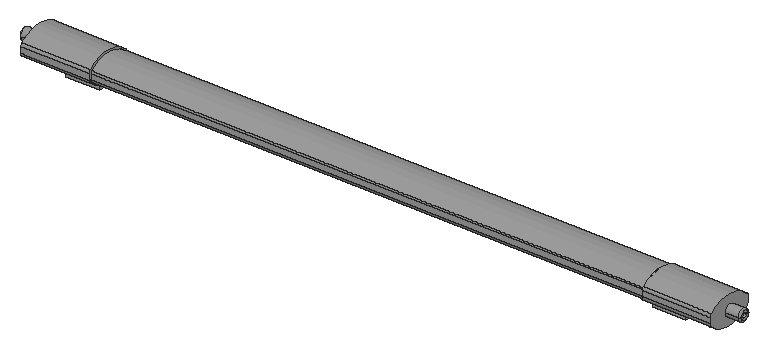
Revit family "0045153 Feilo Sylvania Lighting Fixture START BATTEN  IP65 42W 1200 4K", category Lighting Fixtures, host Face, Revit 2017
Family settings
  Host = Face
  Round Connector Dimension = Use Diameter
  Part Type = Normal
  OmniClass Number = 23.80.70.00
  OmniClass Title = Lighting
  Cut with Voids When Loaded = No
  Light Source = Yes
  Shared = No
  Room Calculation Point = No
Parameters (values of type "0045153 START BATTEN  IP65 42W 1200 4K")
  Weight = "13.368 kg"
  Wattage Comments = ""
  Wattage = 42 W
  WarrantyStartDate [instance] = "n/a"
  WarrantyGuarantorParts = "n/a"
  WarrantyDurationUnit = "n/a"
  WarrantyDurationParts = "n/a"
  WarrantyDescription = "n/a"
  built-in parameter 1150110 = 1 (stored number, unit not read)
  Voltage = 230 V
  URL = "http://www.sylvania-lighting.com"
  TypeName = "START BATTEN  IP65 42W 1200 4K"
  Type Image = <None>
  Type Comments = "n/a"
  built-in parameter 1114217 = 1 (stored number, unit not read)
  Tilt Angle = -90.00°
  built-in parameter 1150109 = 1 (stored number, unit not read)
  built-in parameter 1150134 = 12
  built-in parameter 1150113 = 1 (stored number, unit not read)
  SerialNumber [instance] = "n/a"
  RadiusGlandOuter_FEILO = 10 mm
  RadiusGlandInner_FEILO = 5 mm
  RadiusBody_FEILO = 7 mm
  Photometric Web File = "0045153.ies"
  Material_3_FEILO = none
  PowerFactor = 0
  PowerConsumption = "42 W"
  NominalLength = 1200 mm
  NominalHeight = 53.6 mm
  NominalDepth = 80 mm
  Name = "START BATTEN  IP65 42W 1200 4K"
  ModelReference = Name  # "START BATTEN  IP65 42W 1200 4K"
  ModelNumber = "0045153"
  Model = Name  # "START BATTEN  IP65 42W 1200 4K"
  Material = "polycarbonate housing, pc diffuser"
  ManufacturerName = "Feilo Sylvania"
  Manufacturer = "Feilo Sylvania"
  LuminousEfficacy = "124 lm/W"
  built-in parameter 1150105 = 1371.7 (stored number, unit not read)
  Lumens = 5208 lm
  LuminaireType = ""
  built-in parameter 1150115 = 1 (stored number, unit not read)
  Long_FEILO = no
  LightOutputRatio = "100"
  built-in parameter 1150137 = (empty or 0)
  built-in parameter 1150139 = (empty or 0)
  LampsType = Lamp  # "LED"
  LampNominalLuminous = "5200 lm"
  LampMacAdamStep = "n/a"
  LampColourTemperature = "4000 K"
  LampColourRenderingIndex = "80"
  built-in parameter 1150112 = 1 (stored number, unit not read)
  built-in parameter 1150114 = 1 (stored number, unit not read)
  Lamp = "LED"
  L3_FEILO = if(Long_FEILO, 1378 mm, 1078 mm)  # 1078 mm
  L2_FEILO = if(Long_FEILO, 1500 mm, 1200 mm)  # 1200 mm
  L1_FEILO = if(Long_FEILO, 1553 mm, 1253 mm)  # 1253 mm
  Keynote = "16500"
  InstallationDate [instance] = "n/a"
  InputVoltage = "220-240V~"
  InputNominalFrequency = "50/60 Hz"
  built-in parameter 1150132 = (empty or 0)
  built-in parameter 1150102 = (empty or 0)
  built-in parameter 1150107 = 4000 (stored number, unit not read)
  built-in parameter 1150138 = (empty or 0)
  IngressProtection = "IP65"
  ImpactProtectionIndex = "IK08"
  built-in parameter 1150106 = 13.717 (stored number, unit not read)
  IfcExportType = "IfcLightFixtureType"
  IfcExportAs = "IfcLightFixtureType"
  ExpectedLife = 50000
  Emit from Rectangle Width = 40 mm
  Emit from Rectangle Length = L3_FEILO - 116 mm  # 962 mm
  Emit Shape Visible in Rendering = no
  ElectricShockClassification = "Class II"
  built-in parameter 1150104 = 11.52 (stored number, unit not read)
  DurationUnit = "hours"
  DocumentationLiterature = "http://www.sylvania-lighting.com/product/en-int/products/0045153"
  DimmingControlOptions = "n/a"
  Material_2_FEILO = Diffuser-Sylvania-StartBatten
  Dimming Lamp Color Temperature Shift = <None>
  Description = "The new upgraded Start Batten IP65 ( upgraded version of Batten LED LINK) is a versatile range of slimline LED waterproof luminaires that provide an ideal solution for interior and exterior applications such as workshops, garages and outdoor covered spaces. The  design allows the luminaire to be easily linked to another luminaire through an IP65 rated connector. The performance of the range  has been significantly improved ,  for example Start Twin Batten IP65 LED delivers  a performance of up to 6000lm (125lm/W). Available in 1200mm and 1500mm lengths (approx.) - the product can be a slimline replacement for single and twin 36W/58W fluorescent waterproof battens."
  Default Elevation = 1219.2 mm
  CreatedOn = "3/8/2018"
  CreatedBy = ""
  Cost = 0
  Color Filter = 16777215
  built-in parameter 1114216 [instance] = (empty or 0)
  ClassificationValue = "EF_70_80"
  ClassificationName = "Uniclass2015"
  Material_1_FEILO = Body-Sylvania-StartBatten
  BarCode [instance] = "n/a"
  built-in parameter 1114218 = 1 (stored number, unit not read)
  built-in parameter 1150133 = 10 (stored number, unit not read)
  AssetType = "Fixed"
  AssetIdentifier [instance] = "n/a"
  Assembly Code = "D5020200"
  Apparent Load = 42 VA
  Material_4_FEILO = none
Reference planes
  plane 1 "Center (Front/Back)": y = 0
  plane 2: z = 0
  plane 3 "Center (Left/Right)": x = 0
  plane 4: y = 40
  plane 5: y = -40
  plane 6: z = 54
  plane 7: z = 29.5
  plane 8: y = 18
  plane 9: y = -18
  plane 10: z = 37.5
  plane 11: z = 21.5
  plane 12: x = 539
  plane 13: x = -539
  plane 14: x = 600
  plane 15: x = -600
  plane 16: x = 626.5
  plane 17: x = -626.5
  plane 18: x = 481
  plane 19: x = -481
  plane 20: z = 5
  plane 21: y = 5
  plane 22: y = 10
Forms (mm)
  Extrusion 1, solid, material "Body-Sylvania-StartBatten" <- "Material_1_FEILO"
    sketch origin (481, 1524, 1219.2) x (0, 1, 0) y (0, 0, 1)
      loop
        arc (-1561.645, -1179.488) -> (-1563.384, -1181.854) -> (-1564, -1184.725) r 7
        line (-1564, -1184.725) -> (-1564, -1194.675)
        arc (-1564, -1194.675) -> (-1563.384, -1197.546) -> (-1561.645, -1199.912) r 7
        arc (-1561.645, -1199.912) -> (-1524, -1214.2) -> (-1486.355, -1199.912) r 56.735
        arc (-1486.355, -1199.912) -> (-1484.616, -1197.546) -> (-1484, -1194.675) r 7
        line (-1484, -1194.675) -> (-1484, -1184.725)
        arc (-1484, -1184.725) -> (-1484.616, -1181.854) -> (-1486.355, -1179.488) r 7
        arc (-1486.355, -1179.488) -> (-1524, -1165.2) -> (-1561.645, -1179.488) r 56.735
    from 0 to 119
  Extrusion 2, solid, material "Body-Sylvania-StartBatten" <- "Material_1_FEILO"
    sketch origin (-481, 1524, 1219.2) x (0, 1, 0) y (0, 0, 1)
      loop
        arc (-1486.355, -1179.488) -> (-1524, -1165.2) -> (-1561.645, -1179.488) r 56.735
        arc (-1561.645, -1179.488) -> (-1563.384, -1181.854) -> (-1564, -1184.725) r 7
        line (-1564, -1184.725) -> (-1564, -1194.675)
        arc (-1564, -1194.675) -> (-1563.384, -1197.546) -> (-1561.645, -1199.912) r 7
        arc (-1561.645, -1199.912) -> (-1524, -1214.2) -> (-1486.355, -1199.912) r 56.735
        arc (-1486.355, -1199.912) -> (-1484.616, -1197.546) -> (-1484, -1194.675) r 7
        line (-1484, -1194.675) -> (-1484, -1184.725)
        arc (-1484, -1184.725) -> (-1484.616, -1181.854) -> (-1486.355, -1179.488) r 7
    from -119 to 0
  Extrusion 3, solid, material "Diffuser-Sylvania-StartBatten" <- "Material_2_FEILO"
    sketch origin (0, 0, 0) x (0, 1, 0) y (0, 0, 1)
      loop
        arc (36.318, 38.216) -> (0, 52) -> (-36.318, 38.216) r 54.735
        arc (-36.318, 38.216) -> (-37.56, 36.526) -> (-38, 34.475) r 5
        line (-38, 34.475) -> (-38, 24.525)
        arc (-38, 24.525) -> (-37.56, 22.474) -> (-36.318, 20.784) r 5
        arc (-36.318, 20.784) -> (0, 7) -> (36.318, 20.784) r 54.735
        arc (36.318, 20.784) -> (37.56, 22.474) -> (38, 24.525) r 5
        line (38, 24.525) -> (38, 34.475)
        arc (38, 34.475) -> (37.56, 36.526) -> (36.318, 38.216) r 5
    from -481 to 481
  Extrusion 4, solid, material "Body-Sylvania-StartBatten" <- "Material_1_FEILO"
    sketch origin (539, 1524, 1219.2) x (0, 1, 0) y (0, 0, 1)
      loop
        line (-1506, -1219.2) -> (-1506, -1189.7) -> (-1542, -1189.7) -> (-1542, -1219.2) -> (-1506, -1219.2)
    from 0 to -58
  Extrusion 5, solid, material "Body-Sylvania-StartBatten" <- "Material_1_FEILO"
    sketch origin (-539, 1524, 1219.2) x (0, 1, 0) y (0, 0, 1)
      loop
        line (-1506, -1219.2) -> (-1506, -1189.7) -> (-1542, -1189.7) -> (-1542, -1219.2) -> (-1506, -1219.2)
    from 0 to 58
  Revolve 6, solid, material "Body-Sylvania-StartBatten" <- "Material_1_FEILO"
    sketch origin (0, 1219.2, 29.5) x (1, 0, 0) y (0, 1, 0)
      loop
        line (-600, -1219.2) -> (-600, -1209.2) -> (-624, -1209.2)
        arc (-624, -1209.2) -> (-625.768, -1209.932) -> (-626.5, -1211.7) r 2.5
        line (-626.5, -1211.7) -> (-626.5, -1214.2) -> (-616.5, -1214.2) -> (-616.5, -1219.2) -> (-600, -1219.2)
      loop
        line (600, -1219.2) -> (616.5, -1219.2) -> (616.5, -1214.2) -> (626.5, -1214.2) -> (626.5, -1211.7)
        arc (626.5, -1211.7) -> (625.768, -1209.932) -> (624, -1209.2) r 2.5
        line (624, -1209.2) -> (600, -1209.2) -> (600, -1219.2)
      axis (626.5, -1219.2) -> (-626.5, -1219.2)
    angle from 360 to 0
Cuts and joins
  joined: Extrusion 1, Extrusion 4
  joined: Extrusion 2, Extrusion 5
Lines and regions (mm)
  reference lines
    curve 1: circle (0, 0, 29.5) r 5 normal (1, 0, 0)
    curve 2: circle (0, 0, 29.5) r 10 normal (1, 0, 0)
    curve 3: arc (0, -40, 37.5) -> (0, 0, 54) -> (0, 40, 37.5) r 56.735
    curve 4: arc (0, -40, 21.5) -> (0, 0, 5) -> (0, 40, 21.5) r 56.735
Dimensions and locks
  equal spacing: plane 5, plane 1 "Center (Front/Back)", plane 4
  locked: plane 5 to plane 4 at 80
  locked: plane 6 to plane 2 at 54
  locked: plane 7 to plane 2 at 29.5
  equal spacing: plane 9, plane 1 "Center (Front/Back)", plane 8
  plane 9 to plane 1 "Center (Front/Back)" = 18 mm
  locked: plane 11 to plane 7 at 8
  locked: plane 7 to plane 10 at 8
  equal spacing: plane 13, plane 3 "Center (Left/Right)", plane 12
  "L3_FEILO": plane 13 to plane 12
  equal spacing: plane 15, plane 3 "Center (Left/Right)", plane 14
  "L2_FEILO": plane 15 to plane 14
  equal spacing: plane 17, plane 3 "Center (Left/Right)", plane 16
  "L1_FEILO": plane 17 to plane 16
  equal spacing: plane 19, plane 3 "Center (Left/Right)", plane 18
  locked: plane 13 to plane 19 at 58
  locked: plane 20 to plane 2 at 5
  locked: Extrusion 3 sketch curve to plane 6 at 2
  locked: plane 20 to Extrusion 3 sketch curve at 2
  locked: plane 5 to Extrusion 3 sketch curve at 2
  locked: Extrusion 3 sketch curve to plane 4 at 2
  "RadiusGlandInner_FEILO": plane 1 "Center (Front/Back)" to plane 21
  "RadiusGlandOuter_FEILO": plane 1 "Center (Front/Back)" to plane 22
  locked: plane 17 to Revolve 6 sketch curve at 10
  locked: Revolve 6 sketch curve to plane 16 at 10
  "RadiusGlandInner_FEILO": radius of curve 1
  "RadiusGlandOuter_FEILO": radius of curve 2
  "RadiusBody_FEILO": radius of Extrusion 1 sketch curve  (x4)
  aligned and locked: plane 2 to host face
  aligned and locked: level to host face
  aligned and locked: plane 5 to curve 3
  aligned and locked: plane 10 to curve 3  (x2)
  aligned and locked: plane 4 to curve 3
  aligned and locked: plane 4 to curve 4
  aligned and locked: plane 11 to curve 4  (x2)
  aligned and locked: plane 5 to curve 4
  aligned and locked: Extrusion 1 sketch curve to curve 3
  aligned and locked: Extrusion 1 sketch curve to curve 4
  aligned and locked: Extrusion 1 sketch curve to plane 4
  aligned and locked: Extrusion 1 sketch curve to plane 5
  aligned and locked: plane 14 to Extrusion 1
  aligned and locked: Extrusion 1 to plane 18
  aligned and locked: Extrusion 2 sketch curve to Extrusion 1  (x6)
  aligned and locked: Extrusion 2 to plane 15
  aligned and locked: plane 19 to Extrusion 2
  aligned and locked: Extrusion 3 to plane 19
  aligned and locked: plane 18 to Extrusion 3
  aligned and locked: level to Extrusion 4 sketch curve
  aligned and locked: plane 8 to Extrusion 4 sketch curve
  aligned and locked: plane 7 to Extrusion 4 sketch curve
  aligned and locked: Extrusion 4 sketch curve to plane 9
  aligned and locked: Extrusion 4 to plane 12
  aligned and locked: Extrusion 4 to plane 18
  aligned and locked: Extrusion 5 sketch curve to cut or joined group of Extrusion 1, Extrusion 4  (x2)
  aligned and locked: plane 7 to Extrusion 5 sketch curve
  aligned and locked: Extrusion 5 sketch curve to plane 9
  aligned and locked: plane 19 to Extrusion 5
  aligned and locked: Extrusion 5 to plane 13
  aligned and locked: plane 1 "Center (Front/Back)" to Revolve 6 sketch curve  (x4)
  aligned and locked: cut or joined group of Extrusion 2, Extrusion 5 to Revolve 6 sketch curve
  aligned and locked: plane 22 to Revolve 6 sketch curve
  aligned and locked: plane 17 to Revolve 6 sketch curve
  aligned and locked: Revolve 6 sketch curve to plane 21
  aligned and locked: Revolve 6 sketch curve to cut or joined group of Extrusion 1, Extrusion 4
  aligned and locked: Revolve 6 sketch curve to plane 22
  aligned and locked: plane 16 to Revolve 6 sketch curve
  aligned and locked: imposter light to plane 1 "Center (Front/Back)"
  aligned and locked: imposter light to plane 6
Automatic sketch dimensions
  host sketch curve to host sketch curve = 2438.4 mm  (x2)
  curve 1 to curve 2 = 0 mm  (x2)
  curve 2 to plane 1 "Center (Front/Back)" = 0 mm
  plane 7 to curve 2 = 0 mm
  curve 3 to level = 2.735 mm
  curve 4 to plane 6 = 7.735 mm
  Extrusion 1 sketch curve to plane 11 = 3.025 mm  (x2)
  Extrusion 1 sketch curve to plane 7 = 4.975 mm  (x2)
  Extrusion 3 sketch curve to plane 1 "Center (Front/Back)" = 0 mm  (x2)
  Extrusion 3 sketch curve to Extrusion 3 sketch curve = 5 mm  (x4)
  Extrusion 3 sketch curve to level = 2.735 mm
  Extrusion 3 sketch curve to plane 11 = 3.025 mm  (x2)
  plane 10 to Extrusion 3 sketch curve = 3.025 mm  (x2)
  Extrusion 3 sketch curve to plane 6 = 7.735 mm
  plane 21 to Revolve 6 sketch curve = 0 mm
  plane 17 to Revolve 6 sketch curve = 2.5 mm
  Revolve 6 sketch curve to plane 16 = 2.5 mm
  Revolve 6 sketch curve to plane 17 = 747.5 mm
  plane 16 to Revolve 6 sketch curve = 747.5 mm
Connectors
  electrical at (0, 0, 0), driven by "Apparent Load", driven by "PowerFactor", driven by "Voltage"
    settings: index 1, voltage 230 V, apparent load 42 VA, apparent load phase1 0 VA, apparent load phase2 0 VA, apparent load phase3 0 VA, power factor 0, load classification "Lighting", number of poles 1, system type 30, power factor state 1, is connector primary yes, connector utility no, sub classification motor no, connector description ""
